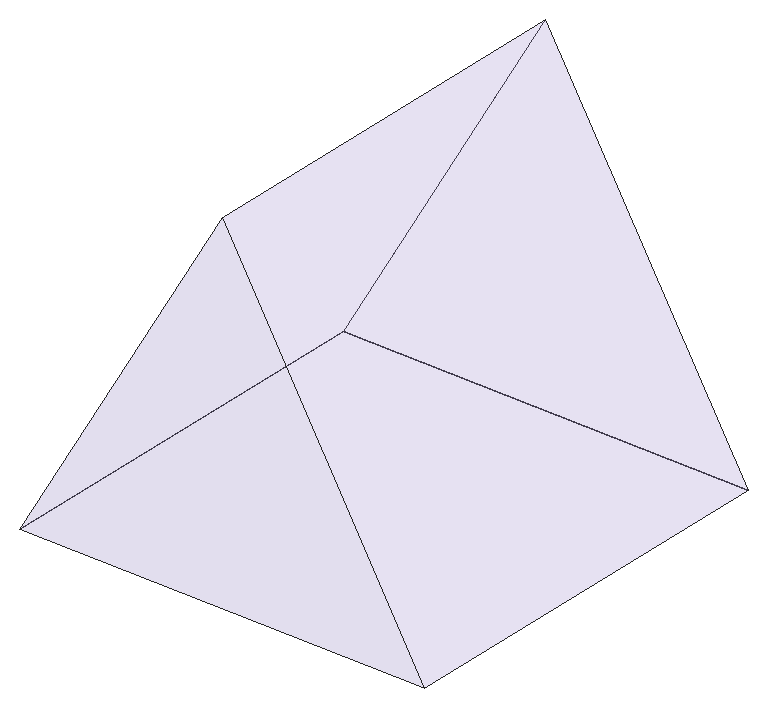
Revit family
Parameters
  측면 길이 [instance] = 9000 mm
  매스 재료 [instance] = 기본 매스
  높이 [instance] = 측면 길이 * (sin(60.00°))  # 7794.229 mm
  깊이 [instance] = 9000 mm
  Default Elevation = 1219.2 mm
Reference planes
  plane 1 "중심(앞/뒤)": y = 12.955
  plane 2: z = 0
  plane 3 "중심(왼쪽/오른쪽)": x = -30.261
  plane 4: y = 4512.955
  plane 5: x = 4469.739
  plane 6: x = -4530.261
  plane 7: y = -4487.045
  plane 8: z = 7794.229
Forms (mm)
  Extrusion 1, solid, material "기본 매스" <- "매스 재료"
    sketch origin (-152.4, 12.955, 1082.226) x (1, 0, 0) y (0, 0, 1)
      loop
        line (-4377.861, -1082.226) -> (4622.139, -1082.226) -> (122.139, 6712.003) -> (-4377.861, -1082.226)
    from -4500 to 4500
Dimensions and locks
  equal spacing: plane 4, plane 1 "중심(앞/뒤)", plane 7
  "깊이": plane 4 to plane 7
  locked: plane 2 to level
  "높이": plane 8 to plane 2
  equal spacing: plane 6, plane 3 "중심(왼쪽/오른쪽)", plane 5
  "측면 길이": plane 6 to plane 5
  "측면 길이": Extrusion 1 sketch curve to Extrusion 1 sketch curve  (x2)
  aligned and locked: Extrusion 1 to plane 7
  aligned and locked: Extrusion 1 to plane 4
  aligned and locked: Extrusion 1 sketch curve to plane 2
  aligned and locked: plane 6 to Extrusion 1 sketch curve
Automatic sketch dimensions
  Extrusion 1 sketch curve to plane 3 "중심(왼쪽/오른쪽)" = 0 mm
